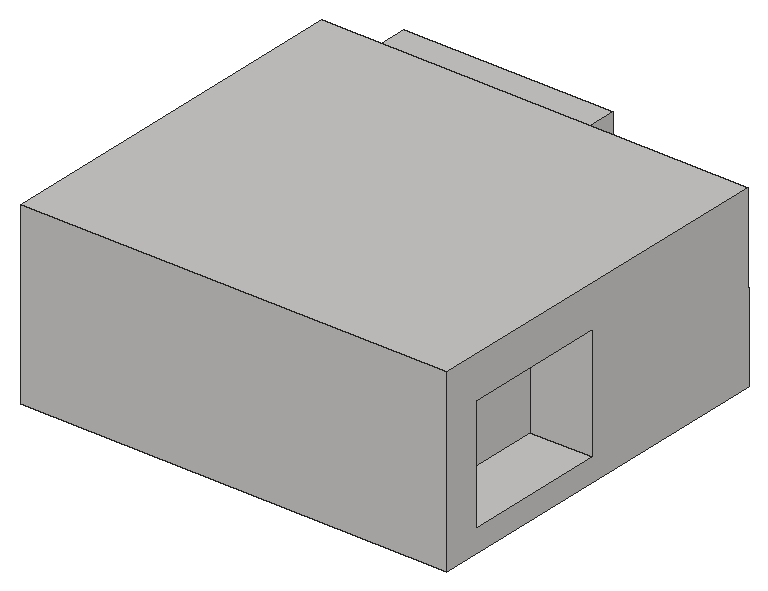
Revit family
Parameters
  Width = 3' - 0 1/8"
  Voltage = 120 V
  Unit Weight = "150.0 lbs"
  UltraLoc Liner = Choose Liner Option = 3  # no
  URL = "http://www.titus-hvac.com/"
  UL = "181"
  Supply Air Flow [instance] = 0 CFM
  SteriLoc Liner = Choose Liner Option = 2  # no
  Primary Air Pressure Drop [instance] = 0.00 in-wg
  Primary Air Flow [instance] = 0 CFM
  Plenum Air Pressure Drop [instance] = 0.00 in-wg
  Plenum Air Flow [instance] = 0 CFM
  Outlet Width = 1' - 2"
  Outlet Vertical Offset = 0' - 1 1/8"
  Outlet Horizontal Offset = 0' - 1 3/8"
  Outlet Height = 0' - 11"
  Number of Poles = 1
  Nominal Width = Width + 0' 6 1/4"  # 3' - 6 3/8"
  Nominal Length = Length + 0' 3 3/8"  # 3' - 8 1/4"
  Nominal Inlet Size = 0' - 8"
  Nominal Height = 1' - 5 1/8"
  NFPA = "90A"
  Motor Full Load Amps = 7 A
  Model = "DTQS"
  Min. Air Flow = 0 CFM
  Max. Air Flow = 0 CFM
  Material = Galvanized Steel
  Manufacturer = "Titus"
  Length = 3' - 4 7/8"
  Juction Box Offset = 0' - 2 7/8"
  Inlet Diameter = Nominal Inlet Size - 0' 0 1/8"  # 0' - 7 7/8"
  Induced Air Inlet Offset = 0' - 4 1/2"
  Induced Air Inlet Width = 1' - 1 1/4"
  Induced Air Inlet Height = 1' - 2 1/2"
  Induced Air Filter = no
  Heating Total Capacity [instance] = 0 Btu/h
  Half Outlet Connection Width = Outlet Width / 2  # 0' - 7"
  Half Outlet Connection Height = Outlet Height / 2  # 0' - 5 1/2"
  Half Height Start = -(Nominal Height / 2)  # -0' - 8 9/16"
  Half Height End = Nominal Height / 2  # 0' - 8 9/16"
  HP-Motor = "1/4"
  Frequency = 60 Hz
  Filter Size = "19\"x17\""
  Fiber Free Liner = Choose Liner Option = 1  # no
  Fan Disconnect Switch = no
  Duct Radius = Nominal Inlet Size / 2  # 0' - 4"
  Description = "Series Fan Powered Terminal Unit, Direct Digital Control, Pressure Independent"
  Connection Void Radius = Connection Radius - 0' 0 1/4"  # 0' - 3 11/16"
  Connection Radius = Inlet Diameter / 2  # 0' - 3 15/16"
  Choose Liner Option = 0
  CADworks URL = "www.CADworks.net"
  Assembly Code = "D3040100"
  Apparent Power = Voltage * Motor Full Load Amps  # 840 VA
  Air Inlet Offset = 0' - 6"
  1/2" Fiberglass Liner = Choose Liner Option = 0  # yes
Reference planes (in)
  plane 1 "Center (Front/Back)": y = 0
  plane 2: z = 0
  plane 3 "Center (Left/Right)": x = 3
  plane 4: x = -17.4375
  plane 5: x = 23.4375
  plane 6: x = -14.5625
  plane 7: x = -20.8125
  plane 8 "Center (Elevation)": z = 0
  plane 9: y = -18.0625
  plane 10: y = 18.0625
  plane 11: y = 12.0625
  plane 12: y = -13.5625
  plane 13: x = -11.4375
  plane 14: x = 17.4375
  plane 15: y = 24.3125
  plane 16: z = 8.5625
  plane 17: z = -8.5625
Forms (in)
  Extrusion 1, solid, material "Galvanized Steel" <- "Material"
    sketch origin (61, -3.76302, 78.80279) x (1, 0, 0) y (0, 1, 0)
      loop
        line (-78.4375, 21.82552) -> (-78.4375, -14.29948) -> (-37.5625, -14.29948) -> (-37.5625, 21.82552) -> (-78.4375, 21.82552)
    from -87.36529 <- "Half Height Start" to -70.24029 <- "Half Height End"
  Extrusion 2, solid, material "Galvanized Steel" <- "Material"
    sketch origin (4.0625, 0, 42) x (1, 0, 0) y (0, 1, 0)
      loop
        line (-18.625, 18.0625) -> (1.375, 18.0625) -> (1.375, 24.3125) -> (-18.625, 24.3125) -> (-18.625, 18.0625)
    from -48 to -36
  Extrusion 3, void
    sketch origin (23.4375, 18.0625, 76.42779) x (0, 1, 0) y (0, 0, -1)
      loop
        line (-18.625, 71.86529) -> (-18.625, 82.86529) -> (-32.625, 82.86529) -> (-32.625, 71.86529) -> (-18.625, 71.86529)
    from 0 to 6
  Extrusion 4, solid, material "Galvanized Steel" <- "Material"
    sketch origin (-24.875, -0.4375, 0) x (0, 0, -1) y (0, 1, 0)
      loop
        circle (0, 12.5) r 3.9375
    from 4.0625 to 7.4375
  Extrusion 5, void
    sketch origin (-24.875, 0, 0) x (0, 1, 0) y (0, 0, 1)
      loop
        circle (12.0625, 0) r 3.6875
    from 4.0625 to 13.4375
  Extrusion 6, void
    sketch origin (-17.4375, -18.0625, 78.67779) x (0, -1, 0) y (0, 0, -1)
      loop
        line (-17.75, 71.49029) -> (-4.5, 71.49029) -> (-4.5, 85.99029) -> (-17.75, 85.99029) -> (-17.75, 71.49029)
    from 0 to 6
Cuts and joins
  Extrusion 3, Extrusion 5, Extrusion 6 cuts Extrusion 1
  Extrusion 5 cuts Extrusion 4
Dimensions and locks (in)
  "Length": plane 5 to plane 4
  equal spacing: plane 5, plane 3 "Center (Left/Right)", plane 4
  locked: Extrusion 2 to plane 6 at 0
  locked: Extrusion 2 to Extrusion 2 at 20
  "Juction Box Offset": plane 6 to plane 4
  "Outlet Height": Extrusion 3 sketch curve to Extrusion 3 sketch curve
  "Outlet Width": Extrusion 3 sketch curve to Extrusion 3 sketch curve
  locked: plane 4 to plane 7 at 3.375
  "Width": plane 9 to plane 10
  equal spacing: plane 9, plane 1 "Center (Front/Back)", plane 10
  locked: Extrusion 4 sketch curve to level at 0
  locked: Extrusion 4 sketch curve to plane 11 at 0
  locked: Extrusion 5 sketch curve to level at 0
  locked: Extrusion 5 sketch curve to plane 11 at 0
  locked: Extrusion 2 to Extrusion 2 at 6.25
  "Air Inlet Offset": plane 10 to plane 11
  locked: Extrusion 2 to plane 10 at 0
  locked: cut or joined group of Extrusion 4, Extrusion 5 to plane 7 at 0
  locked: cut or joined group of Extrusion 4, Extrusion 5 to cut or joined group of Extrusion 4, Extrusion 5 at 3.375
  "Induced Air Inlet Offset": plane 9 to plane 12
  "Induced Air Inlet Width": Extrusion 6 sketch curve to Extrusion 6 sketch curve
  "Induced Air Inlet Height": Extrusion 6 sketch curve to Extrusion 6 sketch curve
  "Induced Air Inlet Offset": Extrusion 6 sketch curve to plane 9
  locked: plane 9 to Extrusion 3 sketch curve at 3.5
  cut or joined group of Extrusion 1, Extrusion 3, Extrusion 5, Extrusion 6 to Extrusion 6 sketch curve = 0' - 1 3/8"
  cut or joined group of Extrusion 1, Extrusion 3, Extrusion 5, Extrusion 6 to Extrusion 3 sketch curve = 0' - 2 1/8"
  locked: Extrusion 2 to Extrusion 2 at 12
  equal spacing: Extrusion 2, level, Extrusion 2
  locked: cut or joined group of Extrusion 1, Extrusion 3, Extrusion 5, Extrusion 6 to cut or joined group of Extrusion 1, Extrusion 3, Extrusion 5, Extrusion 6 at 17.125
  equal spacing: cut or joined group of Extrusion 1, Extrusion 3, Extrusion 5, Extrusion 6, level, cut or joined group of Extrusion 1, Extrusion 3, Extrusion 5, Extrusion 6
  locked: plane 4 to plane 13 at 6
  locked: plane 14 to plane 5 at 6
  plane 16 to Extrusion 2 = 0' - 2 9/16"
  "Connection Radius": radius of Extrusion 4 sketch curve
  "Connection Void Radius": radius of Extrusion 5 sketch curve
  aligned and locked: cut or joined group of Extrusion 1, Extrusion 3, Extrusion 5, Extrusion 6 to plane 10
  aligned and locked: plane 9 to cut or joined group of Extrusion 1, Extrusion 3, Extrusion 5, Extrusion 6
  aligned and locked: plane 5 to cut or joined group of Extrusion 1, Extrusion 3, Extrusion 5, Extrusion 6
  aligned and locked: cut or joined group of Extrusion 1, Extrusion 3, Extrusion 5, Extrusion 6 to plane 4
  aligned and locked: Extrusion 3 to plane 14
  aligned and locked: plane 13 to Extrusion 6
  aligned and locked: Extrusion 6 to Extrusion 5
Automatic sketch dimensions
  plane 4 to Extrusion 1 sketch curve = 0' - 0"
  plane 5 to Extrusion 1 sketch curve = 0' - 0"
  plane 9 to Extrusion 1 sketch curve = 0' - 0"
  plane 10 to Extrusion 1 sketch curve = 0' - 0"
  Extrusion 2 sketch curve to plane 6 = 0' - 0"
  Extrusion 2 sketch curve to plane 10 = 0' - 0"
  plane 3 "Center (Left/Right)" to Extrusion 2 sketch curve = 0' - 2 7/16"
  Extrusion 2 sketch curve to plane 10 = 0' - 6 1/4"
Connectors (in)
  electrical at (-4.5625, 24.3125, 0), driven by "Apparent Power", driven by "Voltage", driven by "Number of Poles"
    settings: on Extrusion 2, index 8
  hvac at (-20.8125, 12.0625, 0), driven by "Primary Air Flow", driven by "Duct Radius", driven by "Primary Air Pressure Drop"
    settings: on cut or joined group of Extrusion 4, Extrusion 5, index 9
  hvac at (-17.4375, -6.9375, -0.0625), driven by "Induced Air Inlet Width", driven by "Induced Air Inlet Height", driven by "Plenum Air Pressure Drop", driven by "Plenum Air Flow"
    settings: on cut or joined group of Extrusion 1, Extrusion 3, Extrusion 5, Extrusion 6, index 14
  hvac at (23.4375, -7.5625, -0.9375), driven by "Supply Air Flow", driven by "Outlet Width", driven by "Outlet Height"
    settings: on cut or joined group of Extrusion 1, Extrusion 3, Extrusion 5, Extrusion 6, index 15
